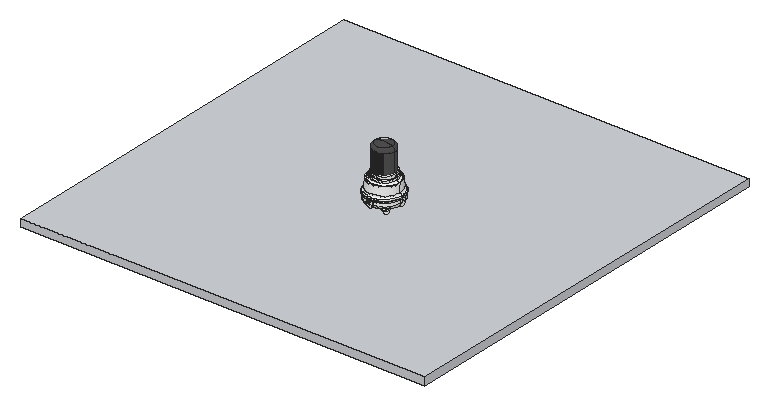
Revit family "ECJN05LLE", category Lighting Fixtures, host Face, Revit 2014 (continued)
Forms (mm)
  Extrusion 8, void
    sketch origin (0, 0, 0) x (1, 0, 0) y (0, 1, 0)
      loop
        line (-65.01, 11.842) -> (-65.158, 11.005) -> (-64.38, 10.868) -> (-64.232, 11.705) -> (-65.01, 11.842)
      loop
        line (-64.432, 14.666) -> (-64.616, 13.837) -> (-63.844, 13.666) -> (-63.66, 14.495) -> (-64.432, 14.666)
      loop
        line (-65.465, 8.995) -> (-65.576, 8.152) -> (-64.792, 8.049) -> (-64.681, 8.892) -> (-65.465, 8.995)
      loop
        line (-66, 3.255) -> (-66.037, 2.406) -> (-65.247, 2.372) -> (-65.21, 3.221) -> (-66, 3.255)
      loop
        line (-65.795, 6.131) -> (-65.869, 5.284) -> (-65.082, 5.215) -> (-65.008, 6.062) -> (-65.795, 6.131)
      loop
        line (-66.079, 0.373) -> (-66.079, -0.477) -> (-65.289, -0.477) -> (-65.289, 0.373) -> (-66.079, 0.373)
      loop
        line (-65.86, -5.387) -> (-65.786, -6.234) -> (-64.999, -6.165) -> (-65.073, -5.319) -> (-65.86, -5.387)
      loop
        line (-66.032, -2.509) -> (-65.995, -3.359) -> (-65.206, -3.324) -> (-65.243, -2.475) -> (-66.032, -2.509)
      loop
        line (-65.562, -8.255) -> (-65.451, -9.098) -> (-64.668, -8.995) -> (-64.779, -8.152) -> (-65.562, -8.255)
      loop
        line (-64.593, -13.938) -> (-64.409, -14.768) -> (-63.638, -14.597) -> (-63.822, -13.767) -> (-64.593, -13.938)
      loop
        line (-65.14, -11.107) -> (-64.992, -11.944) -> (-64.214, -11.807) -> (-64.362, -10.97) -> (-65.14, -11.107)
      loop
        line (-63.924, -16.742) -> (-63.704, -17.563) -> (-62.941, -17.359) -> (-63.161, -16.537) -> (-63.924, -16.742)
      loop
        line (-62.221, -22.25) -> (-61.931, -23.048) -> (-61.188, -22.778) -> (-61.479, -21.979) -> (-62.221, -22.25)
      loop
        line (-63.133, -19.514) -> (-62.877, -20.325) -> (-62.124, -20.087) -> (-62.379, -19.277) -> (-63.133, -19.514)
      loop
        line (-61.192, -24.942) -> (-60.866, -25.728) -> (-60.136, -25.425) -> (-60.462, -24.64) -> (-61.192, -24.942)
      loop
        line (-58.785, -30.181) -> (-58.392, -30.935) -> (-57.692, -30.57) -> (-58.084, -29.816) -> (-58.785, -30.181)
      loop
        line (-60.045, -27.588) -> (-59.686, -28.358) -> (-58.97, -28.024) -> (-59.329, -27.254) -> (-60.045, -27.588)
      loop
        line (-57.412, -32.716) -> (-56.987, -33.452) -> (-56.303, -33.057) -> (-56.728, -32.321) -> (-57.412, -32.716)
    from 176.559 to 299.471
  Extrusion 9, solid, material "Paint - Hubbell - Matte White" <- "Housing Material"
    sketch origin (79.196, -0.804, 0) x (-1, 0, 0) y (0, 0, 1)
      loop
        line (63.393, 55.275) -> (63.393, 29.88)
        arc (63.393, 29.88) -> (79.196, 14.076) -> (95, 29.88) r 15.804
        line (95, 29.88) -> (95, 55.275) -> (63.393, 55.275)
      loop
        circle (79.821, 40.873) r 10
    from 96.209 to 110.953
  Extrusion 10, solid, material "Paint - Hubbell - Matte White" <- "Housing Material"
    sketch origin (-0.804, -79.196, 0) x (0, 1, 0) y (0, 0, 1)
      loop
        line (63.393, 55.275) -> (63.393, 29.88)
        arc (63.393, 29.88) -> (79.196, 14.076) -> (95, 29.88) r 15.804
        line (95, 29.88) -> (95, 55.275) -> (63.393, 55.275)
      loop
        circle (79.821, 40.873) r 10
    from 96.209 to 110.953
  Extrusion 11, solid, material "Paint - Hubbell - Matte White" <- "Housing Material"
    sketch origin (0.804, -79.196, 0) x (0, 1, 0) y (0, 0, -1)
      loop
        line (63.393, -55.275) -> (95, -55.275) -> (95, -29.88)
        arc (95, -29.88) -> (79.196, -14.076) -> (63.393, -29.88) r 15.804
        line (63.393, -29.88) -> (63.393, -55.275)
      loop
        circle (79.821, -40.873) r 10
    from 96.209 to 110.953
Cuts and joins
  Revolve 4 cuts Revolve 2
  joined: Revolve 2, Extrusion 6
  Extrusion 8 cuts Revolve 3
Dimensions and locks
  plane 2 to plane 4 = 164.50 mm
  "Length": plane 5 to plane 6
  equal spacing: plane 5, plane 3 "Center (Left/Right)", plane 6
  "Inner Length": plane 9 to plane 8
  equal spacing: plane 9, plane 3 "Center (Left/Right)", plane 8
  plane 11 to Extrusion 1 = 164.00 mm
  plane 10 to Extrusion 1 = 310.00 mm
  aligned and locked: plane 2 to Extrusion 1
Automatic sketch dimensions
  Extrusion 1 sketch curve to Extrusion 1 sketch curve = 2438.40 mm  (x2)
  Revolve 2 sketch curve to plane 3 "Center (Left/Right)" = 0.00 mm  (x2)
  Revolve 2 sketch curve to plane 2 = 0.00 mm
  plane 11 to Revolve 2 sketch curve = 7.69 mm
  Revolve 2 sketch curve to plane 9 = 37.133 mm
  plane 11 to Revolve 2 sketch curve = 3.038 mm
  Revolve 2 sketch curve to Revolve 2 sketch curve = 1.834 mm
  Revolve 2 sketch curve to Revolve 2 sketch curve = 2.00 mm
  Revolve 2 sketch curve to Revolve 2 sketch curve = 0.951 mm
  Revolve 2 sketch curve to Revolve 2 sketch curve = 4.00 mm
  Revolve 2 sketch curve to Revolve 2 sketch curve = 10.00 mm
  Revolve 2 sketch curve to Revolve 2 sketch curve = 5.232 mm
  Revolve 2 sketch curve to Revolve 2 sketch curve = 3.068 mm
  Revolve 2 sketch curve to plane 9 = 3.687 mm
  plane 9 to Revolve 2 sketch curve = 4.213 mm
  Revolve 2 sketch curve to Revolve 2 sketch curve = 3.859 mm
  plane 9 to Revolve 2 sketch curve = 8.149 mm
  plane 9 to Revolve 2 sketch curve = 10.00 mm
  plane 7 to Revolve 2 sketch curve = 45.224 mm
  Revolve 2 sketch curve to Revolve 2 sketch curve = 1.145 mm
  Revolve 2 sketch curve to Revolve 2 sketch curve = 15.696 mm
  Revolve 2 sketch curve to Revolve 2 sketch curve = 2.784 mm
  Revolve 2 sketch curve to plane 7 = 17.635 mm
  Revolve 2 sketch curve to Revolve 2 sketch curve = 6.815 mm
  Revolve 2 sketch curve to Revolve 2 sketch curve = 10.698 mm
  Revolve 2 sketch curve to plane 4 = 85.50 mm
  Revolve 2 sketch curve to plane 10 = 33.00 mm
  Revolve 3 sketch curve to plane 3 "Center (Left/Right)" = 0.00 mm  (x2)
  Revolve 3 sketch curve to plane 3 "Center (Left/Right)" = 13.198 mm
  plane 3 "Center (Left/Right)" to Revolve 3 sketch curve = 40.886 mm
  plane 11 to Revolve 3 sketch curve = 3.472 mm
  Revolve 3 sketch curve to plane 9 = 34.114 mm
  Revolve 3 sketch curve to plane 7 = 31.815 mm
  plane 10 to Revolve 3 sketch curve = 33.73 mm
  Revolve 3 sketch curve to plane 10 = 0.057 mm
  Revolve 3 sketch curve to plane 11 = 6.00 mm
  Revolve 3 sketch curve to Revolve 3 sketch curve = 27.422 mm
  Revolve 4 sketch curve to plane 3 "Center (Left/Right)" = 0.00 mm
  Revolve 4 sketch curve to plane 9 = 0.499 mm
  plane 9 to Revolve 4 sketch curve = 7.934 mm
  Revolve 4 sketch curve to plane 5 = 6.375 mm
  Revolve 4 sketch curve to plane 5 = 6.185 mm
  plane 5 to Revolve 4 sketch curve = 5.807 mm
  Revolve 4 sketch curve to plane 2 = 0.528 mm
  plane 2 to Revolve 4 sketch curve = 16.237 mm
  Revolve 4 sketch curve to Revolve 4 sketch curve = 18.514 mm
  Revolve 4 sketch curve to Revolve 4 sketch curve = 3.252 mm
  Revolve 4 sketch curve to level = 50.875 mm
  Revolve 4 sketch curve to Revolve 4 sketch curve = 30.00 mm
  Extrusion 5 sketch curve to plane 3 "Center (Left/Right)" = 0.00 mm
  plane 3 "Center (Left/Right)" to Extrusion 5 sketch curve = 15.804 mm
  Extrusion 5 sketch curve to plane 3 "Center (Left/Right)" = 0.625 mm
  plane 2 to Extrusion 5 sketch curve = 41.15 mm
  Extrusion 5 sketch curve to Extrusion 5 sketch curve = 14.402 mm
  plane 2 to Extrusion 5 sketch curve = 15.755 mm
  Revolve 7 sketch curve to plane 3 "Center (Left/Right)" = 0.00 mm  (x2)
  Revolve 7 sketch curve to plane 3 "Center (Left/Right)" = 36.794 mm
  Revolve 7 sketch curve to plane 4 = 34.733 mm
  Revolve 7 sketch curve to plane 6 = 2066.891 mm
  plane 3 "Center (Left/Right)" to Revolve 7 sketch curve = 13.82 mm
  plane 11 to Revolve 7 sketch curve = 3.204 mm
  plane 3 "Center (Left/Right)" to Revolve 7 sketch curve = 50.00 mm
  Revolve 7 sketch curve to plane 7 = 24.044 mm
  Revolve 7 sketch curve to plane 11 = 47.386 mm
  Revolve 7 sketch curve to Revolve 7 sketch curve = 34.407 mm
  Revolve 7 sketch curve to Revolve 7 sketch curve = 0.00 mm
  Revolve 7 sketch curve to level = 36.375 mm
  Revolve 7 sketch curve to plane 10 = 72.50 mm
  plane 1 "Center (Front/Back)" to Extrusion 8 sketch curve = 0.477 mm  (x2)
  plane 8 to Extrusion 8 sketch curve = 33.921 mm
  Extrusion 8 sketch curve to plane 1 "Center (Front/Back)" = 2.406 mm
  Extrusion 8 sketch curve to Extrusion 8 sketch curve = 0.042 mm
  plane 1 "Center (Front/Back)" to Extrusion 8 sketch curve = 2.509 mm
  Extrusion 8 sketch curve to Extrusion 8 sketch curve = 0.047 mm
  Extrusion 8 sketch curve to plane 1 "Center (Front/Back)" = 3.255 mm  (x2)
  Extrusion 8 sketch curve to Extrusion 8 sketch curve = 0.037 mm  (x8)
  plane 1 "Center (Front/Back)" to Extrusion 8 sketch curve = 3.359 mm  (x2)
  Extrusion 8 sketch curve to plane 1 "Center (Front/Back)" = 5.284 mm
  Extrusion 8 sketch curve to Extrusion 8 sketch curve = 0.131 mm
  plane 1 "Center (Front/Back)" to Extrusion 8 sketch curve = 5.387 mm
  Extrusion 8 sketch curve to Extrusion 8 sketch curve = 0.135 mm
  Extrusion 8 sketch curve to plane 1 "Center (Front/Back)" = 6.131 mm  (x2)
  Extrusion 8 sketch curve to Extrusion 8 sketch curve = 0.074 mm  (x8)
  plane 1 "Center (Front/Back)" to Extrusion 8 sketch curve = 6.234 mm  (x2)
  Extrusion 8 sketch curve to plane 1 "Center (Front/Back)" = 8.152 mm
  Extrusion 8 sketch curve to Extrusion 8 sketch curve = 0.219 mm
  plane 1 "Center (Front/Back)" to Extrusion 8 sketch curve = 8.255 mm
  Extrusion 8 sketch curve to Extrusion 8 sketch curve = 0.224 mm
  Extrusion 8 sketch curve to plane 1 "Center (Front/Back)" = 8.995 mm  (x2)
  Extrusion 8 sketch curve to Extrusion 8 sketch curve = 0.111 mm  (x8)
  plane 1 "Center (Front/Back)" to Extrusion 8 sketch curve = 9.098 mm  (x2)
  Extrusion 8 sketch curve to Extrusion 8 sketch curve = 0.79 mm  (x4)
  Extrusion 8 sketch curve to plane 1 "Center (Front/Back)" = 2.372 mm  (x2)
  plane 1 "Center (Front/Back)" to Extrusion 8 sketch curve = 2.475 mm  (x2)
  Extrusion 8 sketch curve to plane 1 "Center (Front/Back)" = 11.005 mm
  Extrusion 8 sketch curve to Extrusion 8 sketch curve = 0.307 mm
  plane 1 "Center (Front/Back)" to Extrusion 8 sketch curve = 11.107 mm
  Extrusion 8 sketch curve to Extrusion 8 sketch curve = 0.312 mm
  Extrusion 8 sketch curve to plane 1 "Center (Front/Back)" = 5.215 mm  (x2)
  plane 1 "Center (Front/Back)" to Extrusion 8 sketch curve = 5.319 mm  (x2)
  Extrusion 8 sketch curve to plane 1 "Center (Front/Back)" = 11.842 mm  (x2)
  Extrusion 8 sketch curve to Extrusion 8 sketch curve = 0.148 mm  (x8)
  plane 1 "Center (Front/Back)" to Extrusion 8 sketch curve = 11.944 mm  (x2)
  Extrusion 8 sketch curve to plane 1 "Center (Front/Back)" = 8.049 mm  (x2)
  plane 1 "Center (Front/Back)" to Extrusion 8 sketch curve = 8.152 mm  (x2)
  Extrusion 8 sketch curve to plane 1 "Center (Front/Back)" = 13.837 mm
  Extrusion 8 sketch curve to Extrusion 8 sketch curve = 0.394 mm
  plane 1 "Center (Front/Back)" to Extrusion 8 sketch curve = 13.938 mm
  Extrusion 8 sketch curve to Extrusion 8 sketch curve = 0.399 mm
  Extrusion 8 sketch curve to plane 1 "Center (Front/Back)" = 14.666 mm  (x2)
  Extrusion 8 sketch curve to Extrusion 8 sketch curve = 0.184 mm  (x8)
  plane 1 "Center (Front/Back)" to Extrusion 8 sketch curve = 14.768 mm  (x2)
  Extrusion 8 sketch curve to plane 1 "Center (Front/Back)" = 10.868 mm  (x2)
  plane 1 "Center (Front/Back)" to Extrusion 8 sketch curve = 10.97 mm  (x2)
  Extrusion 8 sketch curve to plane 1 "Center (Front/Back)" = 16.642 mm
  Extrusion 8 sketch curve to Extrusion 8 sketch curve = 0.481 mm  (x9)
  plane 1 "Center (Front/Back)" to Extrusion 8 sketch curve = 16.742 mm
  Extrusion 8 sketch curve to Extrusion 8 sketch curve = 0.485 mm
  Extrusion 8 sketch curve to plane 1 "Center (Front/Back)" = 13.666 mm  (x2)
  plane 1 "Center (Front/Back)" to Extrusion 8 sketch curve = 13.767 mm  (x2)
  Extrusion 8 sketch curve to plane 1 "Center (Front/Back)" = 17.463 mm
  Extrusion 8 sketch curve to Extrusion 8 sketch curve = 0.22 mm  (x12)
  plane 1 "Center (Front/Back)" to Extrusion 8 sketch curve = 17.563 mm
  Extrusion 8 sketch curve to plane 1 "Center (Front/Back)" = 16.437 mm  (x2)
  Extrusion 8 sketch curve to Extrusion 8 sketch curve = 0.567 mm
  plane 1 "Center (Front/Back)" to Extrusion 8 sketch curve = 16.537 mm  (x2)
  Extrusion 8 sketch curve to Extrusion 8 sketch curve = 0.571 mm
  Extrusion 8 sketch curve to plane 1 "Center (Front/Back)" = 20.226 mm
  Extrusion 8 sketch curve to Extrusion 8 sketch curve = 0.256 mm  (x8)
  plane 1 "Center (Front/Back)" to Extrusion 8 sketch curve = 20.325 mm
  Extrusion 8 sketch curve to Extrusion 8 sketch curve = 0.753 mm  (x4)
  Extrusion 8 sketch curve to Extrusion 8 sketch curve = 0.651 mm  (x5)
  Extrusion 8 sketch curve to Extrusion 8 sketch curve = 0.656 mm
  Extrusion 8 sketch curve to plane 1 "Center (Front/Back)" = 22.951 mm
  Extrusion 8 sketch curve to Extrusion 8 sketch curve = 0.291 mm  (x8)
  plane 1 "Center (Front/Back)" to Extrusion 8 sketch curve = 23.048 mm
  Extrusion 8 sketch curve to Extrusion 8 sketch curve = 0.742 mm  (x4)
  Extrusion 8 sketch curve to Extrusion 8 sketch curve = 0.735 mm
  Extrusion 8 sketch curve to Extrusion 8 sketch curve = 0.739 mm
  Extrusion 8 sketch curve to plane 1 "Center (Front/Back)" = 25.632 mm
  Extrusion 8 sketch curve to Extrusion 8 sketch curve = 0.325 mm  (x8)
  plane 1 "Center (Front/Back)" to Extrusion 8 sketch curve = 25.728 mm
  Extrusion 8 sketch curve to Extrusion 8 sketch curve = 0.73 mm  (x4)
  Extrusion 8 sketch curve to Extrusion 8 sketch curve = 0.817 mm
  Extrusion 8 sketch curve to Extrusion 8 sketch curve = 0.821 mm  (x5)
  Extrusion 8 sketch curve to plane 1 "Center (Front/Back)" = 28.264 mm
  Extrusion 8 sketch curve to Extrusion 8 sketch curve = 0.359 mm  (x8)
  plane 1 "Center (Front/Back)" to Extrusion 8 sketch curve = 28.358 mm
  Extrusion 8 sketch curve to Extrusion 8 sketch curve = 0.716 mm  (x4)
  Extrusion 8 sketch curve to Extrusion 8 sketch curve = 0.897 mm
  Extrusion 8 sketch curve to Extrusion 8 sketch curve = 0.901 mm
  Extrusion 8 sketch curve to Extrusion 8 sketch curve = 0.392 mm  (x12)
  Extrusion 8 sketch curve to Extrusion 8 sketch curve = 0.701 mm  (x4)
  Extrusion 8 sketch curve to Extrusion 8 sketch curve = 0.976 mm
  Extrusion 8 sketch curve to Extrusion 8 sketch curve = 0.98 mm
  Extrusion 8 sketch curve to Extrusion 8 sketch curve = 0.425 mm  (x8)
  Extrusion 8 sketch curve to Extrusion 8 sketch curve = 0.684 mm  (x4)
  Extrusion 8 sketch curve to Extrusion 8 sketch curve = 1.053 mm
  Extrusion 8 sketch curve to Extrusion 8 sketch curve = 1.001 mm
  Extrusion 8 sketch curve to Extrusion 8 sketch curve = 0.457 mm  (x8)
  Extrusion 8 sketch curve to Extrusion 8 sketch curve = 0.666 mm  (x4)
  Extrusion 8 sketch curve to Extrusion 8 sketch curve = 1.128 mm  (x2)
  Extrusion 8 sketch curve to Extrusion 8 sketch curve = 0.488 mm  (x8)
  Extrusion 8 sketch curve to Extrusion 8 sketch curve = 0.647 mm  (x4)
  Extrusion 8 sketch curve to Extrusion 8 sketch curve = 1.20 mm  (x2)
  Extrusion 8 sketch curve to Extrusion 8 sketch curve = 0.517 mm  (x8)
  Extrusion 8 sketch curve to Extrusion 8 sketch curve = 0.627 mm  (x8)
  Extrusion 8 sketch curve to Extrusion 8 sketch curve = 1.271 mm  (x2)
  Extrusion 8 sketch curve to Extrusion 8 sketch curve = 0.546 mm  (x8)
  Extrusion 8 sketch curve to Extrusion 8 sketch curve = 0.605 mm  (x4)
  Extrusion 8 sketch curve to Extrusion 8 sketch curve = 1.339 mm  (x2)
  Extrusion 8 sketch curve to Extrusion 8 sketch curve = 0.574 mm  (x8)
  Extrusion 8 sketch curve to Extrusion 8 sketch curve = 0.582 mm  (x4)
  Extrusion 8 sketch curve to Extrusion 8 sketch curve = 1.404 mm  (x2)
  Extrusion 8 sketch curve to Extrusion 8 sketch curve = 0.559 mm  (x8)
  Extrusion 8 sketch curve to Extrusion 8 sketch curve = 0.601 mm  (x4)
  Extrusion 8 sketch curve to Extrusion 8 sketch curve = 1.467 mm  (x2)
  Extrusion 8 sketch curve to Extrusion 8 sketch curve = 0.534 mm  (x8)
  Extrusion 8 sketch curve to Extrusion 8 sketch curve = 1.527 mm  (x2)
  Extrusion 8 sketch curve to Extrusion 8 sketch curve = 0.508 mm  (x8)
  Extrusion 8 sketch curve to Extrusion 8 sketch curve = 1.584 mm  (x2)
  Extrusion 8 sketch curve to Extrusion 8 sketch curve = 0.674 mm  (x4)
  Extrusion 8 sketch curve to Extrusion 8 sketch curve = 1.638 mm  (x2)
  Extrusion 8 sketch curve to Extrusion 8 sketch curve = 0.453 mm  (x8)
  Extrusion 8 sketch curve to Extrusion 8 sketch curve = 0.696 mm  (x4)
  Extrusion 8 sketch curve to Extrusion 8 sketch curve = 1.689 mm  (x2)
  Extrusion 8 sketch curve to Extrusion 8 sketch curve = 0.424 mm  (x8)
  Extrusion 8 sketch curve to Extrusion 8 sketch curve = 0.717 mm  (x4)
  Extrusion 8 sketch curve to Extrusion 8 sketch curve = 1.737 mm  (x2)
  Extrusion 8 sketch curve to Extrusion 8 sketch curve = 0.395 mm  (x8)
  Extrusion 8 sketch curve to Extrusion 8 sketch curve = 0.736 mm  (x4)
  Extrusion 8 sketch curve to Extrusion 8 sketch curve = 1.781 mm  (x2)
  Extrusion 8 sketch curve to Extrusion 8 sketch curve = 0.365 mm  (x8)
  Extrusion 8 sketch curve to Extrusion 8 sketch curve = 0.754 mm  (x4)
  Extrusion 8 sketch curve to Extrusion 8 sketch curve = 1.823 mm  (x2)
  Extrusion 8 sketch curve to Extrusion 8 sketch curve = 0.334 mm  (x7)
  Extrusion 8 sketch curve to Extrusion 8 sketch curve = 0.77 mm  (x4)
  Extrusion 8 sketch curve to Extrusion 8 sketch curve = 1.86 mm  (x2)
  Extrusion 8 sketch curve to Extrusion 8 sketch curve = 0.302 mm  (x8)
  Extrusion 8 sketch curve to Extrusion 8 sketch curve = 0.785 mm  (x4)
  Extrusion 8 sketch curve to Extrusion 8 sketch curve = 1.894 mm  (x2)
  Extrusion 8 sketch curve to Extrusion 8 sketch curve = 0.27 mm  (x6)
  Extrusion 8 sketch curve to Extrusion 8 sketch curve = 0.799 mm  (x4)
  Extrusion 8 sketch curve to Extrusion 8 sketch curve = 1.925 mm  (x2)
  Extrusion 8 sketch curve to Extrusion 8 sketch curve = 0.238 mm  (x6)
  Extrusion 8 sketch curve to Extrusion 8 sketch curve = 0.811 mm  (x4)
  Extrusion 8 sketch curve to Extrusion 8 sketch curve = 1.951 mm  (x2)
  Extrusion 8 sketch curve to Extrusion 8 sketch curve = 0.204 mm  (x5)
  Extrusion 8 sketch curve to Extrusion 8 sketch curve = 1.974 mm  (x2)
  Extrusion 8 sketch curve to Extrusion 8 sketch curve = 0.171 mm  (x4)
  Extrusion 8 sketch curve to Extrusion 8 sketch curve = 0.83 mm  (x4)
  Extrusion 8 sketch curve to Extrusion 8 sketch curve = 1.994 mm  (x3)
  Extrusion 8 sketch curve to Extrusion 8 sketch curve = 0.137 mm  (x4)
  Extrusion 8 sketch curve to Extrusion 8 sketch curve = 0.837 mm  (x4)
  Extrusion 8 sketch curve to Extrusion 8 sketch curve = 2.009 mm  (x2)
  Extrusion 8 sketch curve to Extrusion 8 sketch curve = 0.103 mm  (x4)
  Extrusion 8 sketch curve to Extrusion 8 sketch curve = 0.843 mm  (x4)
  Extrusion 8 sketch curve to Extrusion 8 sketch curve = 2.021 mm  (x2)
  Extrusion 8 sketch curve to Extrusion 8 sketch curve = 0.069 mm  (x4)
  Extrusion 8 sketch curve to Extrusion 8 sketch curve = 0.847 mm  (x4)
  Extrusion 8 sketch curve to Extrusion 8 sketch curve = 2.029 mm  (x2)
  Extrusion 8 sketch curve to Extrusion 8 sketch curve = 0.034 mm  (x4)
  Extrusion 8 sketch curve to Extrusion 8 sketch curve = 0.849 mm  (x4)
  Extrusion 8 sketch curve to plane 3 "Center (Left/Right)" = 0.477 mm
  Extrusion 8 sketch curve to plane 3 "Center (Left/Right)" = 0.373 mm
  plane 3 "Center (Left/Right)" to Extrusion 8 sketch curve = 0.373 mm
  plane 3 "Center (Left/Right)" to Extrusion 8 sketch curve = 0.477 mm
  Extrusion 8 sketch curve to Extrusion 8 sketch curve = 1.998 mm  (x2)
  Extrusion 8 sketch curve to Extrusion 8 sketch curve = 1.995 mm
  Extrusion 8 sketch curve to Extrusion 8 sketch curve = 1.987 mm  (x2)
  Extrusion 8 sketch curve to Extrusion 8 sketch curve = 1.976 mm
  Extrusion 8 sketch curve to Extrusion 8 sketch curve = 1.975 mm
  Extrusion 8 sketch curve to Extrusion 8 sketch curve = 1.961 mm
  Extrusion 8 sketch curve to Extrusion 8 sketch curve = 1.96 mm
  Extrusion 8 sketch curve to Extrusion 8 sketch curve = 1.942 mm
  Extrusion 8 sketch curve to Extrusion 8 sketch curve = 1.941 mm
  Extrusion 8 sketch curve to Extrusion 8 sketch curve = 1.92 mm
  Extrusion 8 sketch curve to Extrusion 8 sketch curve = 1.918 mm
  Extrusion 8 sketch curve to Extrusion 8 sketch curve = 1.893 mm
  Extrusion 8 sketch curve to Extrusion 8 sketch curve = 1.892 mm
  Extrusion 8 sketch curve to Extrusion 8 sketch curve = 1.864 mm
  Extrusion 8 sketch curve to Extrusion 8 sketch curve = 1.862 mm
  Extrusion 8 sketch curve to Extrusion 8 sketch curve = 1.83 mm
  Extrusion 8 sketch curve to Extrusion 8 sketch curve = 1.829 mm
  Extrusion 8 sketch curve to Extrusion 8 sketch curve = 1.794 mm  (x3)
  Extrusion 8 sketch curve to Extrusion 8 sketch curve = 1.792 mm
  Extrusion 8 sketch curve to Extrusion 8 sketch curve = 1.753 mm  (x3)
  Extrusion 8 sketch curve to Extrusion 8 sketch curve = 1.751 mm  (x3)
  Extrusion 8 sketch curve to Extrusion 8 sketch curve = 1.71 mm  (x3)
  Extrusion 8 sketch curve to Extrusion 8 sketch curve = 1.708 mm  (x2)
  Extrusion 8 sketch curve to Extrusion 8 sketch curve = 1.663 mm  (x4)
  Extrusion 8 sketch curve to Extrusion 8 sketch curve = 1.661 mm  (x2)
  Extrusion 8 sketch curve to Extrusion 8 sketch curve = 1.613 mm  (x4)
  Extrusion 8 sketch curve to Extrusion 8 sketch curve = 1.611 mm  (x2)
  Extrusion 8 sketch curve to Extrusion 8 sketch curve = 1.56 mm  (x4)
  Extrusion 8 sketch curve to Extrusion 8 sketch curve = 1.557 mm  (x2)
  Extrusion 8 sketch curve to Extrusion 8 sketch curve = 1.504 mm  (x4)
  Extrusion 8 sketch curve to Extrusion 8 sketch curve = 1.501 mm  (x2)
  Extrusion 8 sketch curve to Extrusion 8 sketch curve = 1.445 mm  (x4)
  Extrusion 8 sketch curve to Extrusion 8 sketch curve = 1.442 mm  (x2)
  Extrusion 8 sketch curve to Extrusion 8 sketch curve = 1.384 mm  (x4)
  Extrusion 8 sketch curve to Extrusion 8 sketch curve = 1.381 mm  (x2)
  Extrusion 8 sketch curve to Extrusion 8 sketch curve = 1.32 mm  (x4)
  Extrusion 8 sketch curve to Extrusion 8 sketch curve = 1.316 mm  (x2)
  Extrusion 8 sketch curve to Extrusion 8 sketch curve = 1.253 mm  (x4)
  Extrusion 8 sketch curve to Extrusion 8 sketch curve = 1.249 mm  (x2)
  Extrusion 8 sketch curve to Extrusion 8 sketch curve = 1.184 mm  (x4)
  Extrusion 8 sketch curve to Extrusion 8 sketch curve = 1.18 mm  (x2)
  Extrusion 8 sketch curve to Extrusion 8 sketch curve = 1.112 mm  (x4)
  Extrusion 8 sketch curve to Extrusion 8 sketch curve = 1.109 mm  (x2)
  Extrusion 8 sketch curve to Extrusion 8 sketch curve = 1.039 mm  (x4)
  Extrusion 8 sketch curve to Extrusion 8 sketch curve = 1.035 mm  (x2)
  Extrusion 8 sketch curve to Extrusion 8 sketch curve = 0.963 mm  (x4)
  Extrusion 8 sketch curve to Extrusion 8 sketch curve = 0.959 mm  (x2)
  Extrusion 8 sketch curve to Extrusion 8 sketch curve = 0.886 mm  (x4)
  Extrusion 8 sketch curve to Extrusion 8 sketch curve = 0.882 mm  (x2)
  Extrusion 8 sketch curve to plane 1 "Center (Front/Back)" = 27.16 mm
  Extrusion 8 sketch curve to Extrusion 8 sketch curve = 0.807 mm  (x4)
  Extrusion 8 sketch curve to Extrusion 8 sketch curve = 0.803 mm  (x2)
  plane 1 "Center (Front/Back)" to Extrusion 8 sketch curve = 24.64 mm
  Extrusion 8 sketch curve to plane 1 "Center (Front/Back)" = 24.544 mm
  Extrusion 8 sketch curve to Extrusion 8 sketch curve = 0.727 mm  (x4)
  Extrusion 8 sketch curve to Extrusion 8 sketch curve = 0.722 mm  (x2)
  plane 1 "Center (Front/Back)" to Extrusion 8 sketch curve = 21.979 mm
  Extrusion 8 sketch curve to plane 1 "Center (Front/Back)" = 21.882 mm
  Extrusion 8 sketch curve to Extrusion 8 sketch curve = 0.645 mm  (x4)
  Extrusion 8 sketch curve to Extrusion 8 sketch curve = 0.64 mm  (x2)
  plane 1 "Center (Front/Back)" to Extrusion 8 sketch curve = 19.277 mm
  Extrusion 8 sketch curve to plane 1 "Center (Front/Back)" = 19.178 mm
  Extrusion 8 sketch curve to Extrusion 8 sketch curve = 0.561 mm  (x4)
  Extrusion 8 sketch curve to Extrusion 8 sketch curve = 0.557 mm  (x2)
  plane 1 "Center (Front/Back)" to Extrusion 8 sketch curve = 14.597 mm
  Extrusion 8 sketch curve to Extrusion 8 sketch curve = 0.477 mm  (x4)
  Extrusion 8 sketch curve to Extrusion 8 sketch curve = 0.473 mm  (x2)
  Extrusion 8 sketch curve to Extrusion 8 sketch curve = 0.763 mm  (x2)
  plane 1 "Center (Front/Back)" to Extrusion 8 sketch curve = 11.807 mm
  Extrusion 8 sketch curve to Extrusion 8 sketch curve = 0.388 mm  (x2)
  Extrusion 8 sketch curve to Extrusion 8 sketch curve = 0.771 mm
  plane 1 "Center (Front/Back)" to Extrusion 8 sketch curve = 8.995 mm
  Extrusion 8 sketch curve to Extrusion 8 sketch curve = 0.306 mm  (x4)
  plane 1 "Center (Front/Back)" to Extrusion 8 sketch curve = 6.165 mm
  Extrusion 8 sketch curve to plane 1 "Center (Front/Back)" = 6.062 mm
  Extrusion 8 sketch curve to Extrusion 8 sketch curve = 0.215 mm  (x2)
  Extrusion 8 sketch curve to Extrusion 8 sketch curve = 0.778 mm
  plane 1 "Center (Front/Back)" to Extrusion 8 sketch curve = 3.324 mm
  Extrusion 8 sketch curve to Extrusion 8 sketch curve = 0.133 mm  (x4)
  Extrusion 8 sketch curve to plane 1 "Center (Front/Back)" = 3.221 mm
  Extrusion 8 sketch curve to Extrusion 8 sketch curve = 0.128 mm  (x2)
  Extrusion 8 sketch curve to plane 1 "Center (Front/Back)" = 0.373 mm  (x2)
  Extrusion 8 sketch curve to Extrusion 8 sketch curve = 0.041 mm
  Extrusion 8 sketch curve to Extrusion 8 sketch curve = 0.783 mm
  Extrusion 8 sketch curve to Extrusion 8 sketch curve = 3.718 mm
  Extrusion 8 sketch curve to Extrusion 8 sketch curve = 1.458 mm  (x2)
  Extrusion 8 sketch curve to Extrusion 8 sketch curve = 1.62 mm
  Extrusion 8 sketch curve to Extrusion 8 sketch curve = 0.046 mm  (x2)
  Extrusion 8 sketch curve to Extrusion 8 sketch curve = 1.088 mm  (x2)
  Extrusion 8 sketch curve to Extrusion 8 sketch curve = 1.069 mm  (x2)
  Extrusion 8 sketch curve to Extrusion 8 sketch curve = 1.048 mm  (x2)
  Extrusion 8 sketch curve to Extrusion 8 sketch curve = 1.026 mm
  Extrusion 8 sketch curve to Extrusion 8 sketch curve = 1.104 mm
  Extrusion 9 sketch curve to plane 3 "Center (Left/Right)" = 0.00 mm
  plane 3 "Center (Left/Right)" to Extrusion 9 sketch curve = 15.804 mm
  Extrusion 9 sketch curve to plane 3 "Center (Left/Right)" = 0.625 mm
  plane 2 to Extrusion 9 sketch curve = 15.755 mm
  Extrusion 9 sketch curve to Extrusion 9 sketch curve = 10.993 mm
  Extrusion 9 sketch curve to Extrusion 9 sketch curve = 14.402 mm
  Extrusion 10 sketch curve to plane 1 "Center (Front/Back)" = 0.00 mm
  plane 1 "Center (Front/Back)" to Extrusion 10 sketch curve = 15.804 mm
  Extrusion 10 sketch curve to plane 1 "Center (Front/Back)" = 0.625 mm
  plane 2 to Extrusion 10 sketch curve = 15.755 mm
  Extrusion 10 sketch curve to Extrusion 10 sketch curve = 10.993 mm
  Extrusion 10 sketch curve to Extrusion 10 sketch curve = 14.402 mm
  Extrusion 11 sketch curve to plane 1 "Center (Front/Back)" = 0.00 mm
  plane 1 "Center (Front/Back)" to Extrusion 11 sketch curve = 15.804 mm
  Extrusion 11 sketch curve to plane 1 "Center (Front/Back)" = 0.625 mm
  plane 2 to Extrusion 11 sketch curve = 41.15 mm
  Extrusion 11 sketch curve to Extrusion 11 sketch curve = 14.402 mm
  plane 2 to Extrusion 11 sketch curve = 15.755 mm
  Extrusion 6 sketch curve to Extrusion 6 sketch curve = 31.523 mm
  Extrusion 6 sketch curve to Extrusion 6 sketch curve = 3.924 mm
  Extrusion 6 sketch curve to plane 1 "Center (Front/Back)" = 12.268 mm
  Extrusion 6 sketch curve to plane 3 "Center (Left/Right)" = 11.625 mm
  Extrusion 6 sketch curve to Extrusion 6 sketch curve = 102.159 mm
  Extrusion 6 sketch curve to Extrusion 6 sketch curve = 0.772 mm
  Extrusion 6 sketch curve to Extrusion 6 sketch curve = 39.627 mm
  Extrusion 6 sketch curve to Extrusion 6 sketch curve = 2.311 mm  (x2)
  Extrusion 6 sketch curve to Extrusion 6 sketch curve = 3.125 mm  (x4)
  Extrusion 6 sketch curve to Extrusion 6 sketch curve = 100.841 mm
  Extrusion 6 sketch curve to Extrusion 6 sketch curve = 2.795 mm
  Extrusion 6 sketch curve to Extrusion 6 sketch curve = 41.188 mm
  Extrusion 6 sketch curve to Extrusion 6 sketch curve = 5.484 mm
  Extrusion 6 sketch curve to Extrusion 6 sketch curve = 1.561 mm
  Extrusion 6 sketch curve to Extrusion 6 sketch curve = 0.00 mm  (x2)
  Extrusion 6 sketch curve to Extrusion 6 sketch curve = 13.078 mm  (x2)
  Extrusion 6 sketch curve to Extrusion 6 sketch curve = 10.952 mm
  Extrusion 6 sketch curve to Extrusion 6 sketch curve = 11.809 mm
  radius of Extrusion 5 sketch curve = 10.00 mm
  radius of Extrusion 9 sketch curve = 10.00 mm
  radius of Extrusion 10 sketch curve = 10.00 mm
  radius of Extrusion 11 sketch curve = 10.00 mm
  radius of Extrusion 6 sketch curve = 3.50 mm  (x2)
Connectors
  electrical at (0, 0, 14.125), driven by "Voltage", driven by "Apparent Load", driven by "Power Factor", driven by "Connector Description"
    settings: on cut or joined group of Revolve 2, Revolve 4, Extrusion 6, index 1, voltage 120 V, apparent load 44 VA, apparent load phase1 0 VA, apparent load phase2 0 VA, apparent load phase3 0 VA, power factor 1, load classification "Other", number of poles 1, system type 30, power factor state 1, is connector primary yes, connector utility no, sub classification motor no, connector description "Lighting Connector"
